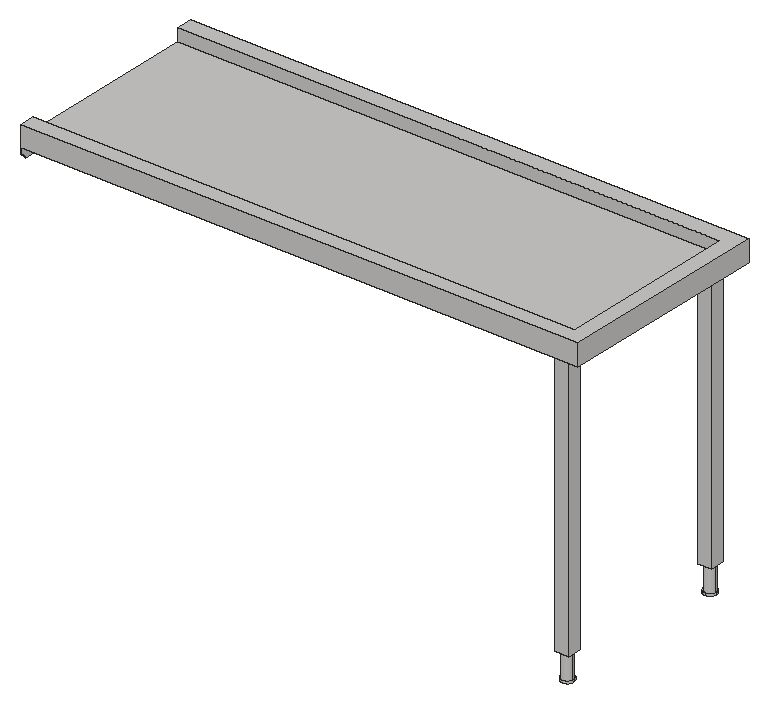
Revit family "QF_ELECTROLUXPROFESSIONAL_865401_BHRLU16", category Specialty Equipment, Revit 2018
Family settings
  Round Connector Dimension = Use Diameter
  Part Type = Normal
  Work Plane-Based = No
  Always vertical = Yes
  Cut with Voids When Loaded = No
  Shared = No
  Room Calculation Point = No
Parameters
  Weight = 0.00 kg
  Watts = 0 W
  Volts = 0 V
  URL Manufacturer = "http://professional.electrolux.com/"
  URL = "http://professional.electrolux.com/"
  Steam Supply Size = 0 mm
  Steam Supply Minimum Pressure = 0.0 Pa
  Steam Supply Maximum Pressure = 0.0 Pa
  Steam Pounds per Hour = 0
  Refrigeration Suction Line Size = 0 mm
  Refrigeration Liquid Line Size = 0 mm
  Refrigerant Compressor Remote = yes
  Manufacturer = "Electrolux"
  Phase = 0
  Model = "BHRLU16"
  Length Actual = 1600 mm  # constant formula
  Item Number = "865401"
  Hot Water Size = 0 mm
  Height Actual = 910 mm  # constant formula
  HP = "0 HP"
  Gas Size = 0 mm
  Gas KW = 0
  Gas Input Pressure = 0 W
  Description = "DW TABLE UNLOADING&LOAD.1600MM-RACK TYPE"
  Depth Actual = 610 mm  # constant formula
  Cycle = 0 Hz
  Condensate Return Size = 0 mm
  Compressed Air Volume = 0.0 L/s
  Compressed Air Size = 0 mm
  Compressed Air Pressure = 0.0 Pa
  Cold Water Size = 0 mm
  Accessory = yes
Reference planes
  plane 1 "Center (Front/Back)": y = -47.5
  plane 2: z = 0
  plane 3 "BACK": y = 257.5
  plane 4 "FRONT": y = -352.5
  plane 5 "RIGHT": x = 450
  plane 6: z = 910
  plane 7 "LEFT": x = -1150
Forms (mm)
  Extrusion 1, solid, material "QF_Finishes_Stainless Steel"
    sketch origin (0, 0, 0) x (1, 0, 0) y (0, 1, 0)
      loop
        line (-1147.022, 212.5) -> (405, 212.5) -> (405, -307.5) -> (-1147.022, -307.5) -> (-1147.022, -352.5) -> (450, -352.5) -> (450, 257.5) -> (-1147.022, 257.5) -> (-1147.022, 212.5)
    from 850 to 910
  Extrusion 2, solid, material "QF_Finishes_Stainless Steel"
    sketch origin (0, 0, 53) x (1, 0, 0) y (0, 1, 0)
      loop
        line (-1147.022, 212.5) -> (-1147.022, -307.5) -> (405, -307.5) -> (405, 212.5) -> (-1147.022, 212.5)
    from 797 to 822
  Extrusion 3, solid, material "QF_Finishes_Stainless Steel"
    sketch origin (-700, 0, 0) x (0, 1, 0) y (0, 0, 1)
      loop
        line (-352.5, 835) -> (-337.5, 820) -> (242.5, 820) -> (257.5, 835) -> (257.5, 910) -> (212.5, 910) -> (212.5, 875) -> (-307.5, 875) -> (-307.5, 910) -> (-352.5, 910) -> (-352.5, 835)
    from -450 to -447.022
Cuts and joins
  joined: Extrusion 1, Extrusion 2, Extrusion 3
Lines and regions (mm)
  symbolic lines
    curve 1: line (-1150, 257.5, 0) -> (450, 257.5, 0)
    curve 2: line (450, 257.5, 0) -> (450, -352.5, 0)
    curve 3: line (450, -352.5, 0) -> (-1150, -352.5, 0)
    curve 4: line (-1150, -307.5, 0) -> (405, -307.5, 0)
    curve 5: line (405, -307.5, 0) -> (405, 212.5, 0)
    curve 6: line (405, 212.5, 0) -> (-1150, 212.5, 0)
    curve 7: line (-1150, 257.5, 0) -> (-1150, -352.5, 0)
    curve 8: line (-1150, -47.5, 0) -> (-1120, -47.5, 0)
Dimensions and locks
  Extrusion 1 to Extrusion 1 = 45 mm
  plane 7 "LEFT" to plane 5 "RIGHT" = 1600 mm
  aligned and locked: level to plane 2
  aligned and locked: plane 6 to Extrusion 1
Nested families
  nested 1: "Foot_40x40" at (380, -303.5, 0), type "Foot_40x40"
    with A 850 mm
  nested 2: "Foot_40x40" at (380, 208.5, 0), type "Foot_40x40"
    with A 850 mm
Definition of nested family "Foot_40x40"
  Parameters
    A [instance] = 850 mm
  Reference planes
    plane 1 "Centro (Fronte/Retro)": y = 0
    plane 2: z = 0
    plane 3 "Centro (Sinistra/Destra)": x = 0
    plane 4: z = 850
  Forms (mm)
    Extrusion 1, solid
      sketch origin (0, 0, 0) x (1, 0, 0) y (0, 1, 0)
        loop
          circle (0, 0) r 18
      from 0 to 5
    Extrusion 2, solid
      sketch origin (0, 0, 5) x (1, 0, 0) y (0, 1, 0)
        loop
          circle (0, 0) r 15
      from 0 to 70
    Extrusion 3, solid
      sketch origin (0, 0, 75) x (1, 0, 0) y (0, 1, 0)
        loop
          line (-20, 20) -> (-20, -20) -> (20, -20) -> (20, 20) -> (-20, 20)
      from 0 to 775
  Dimensions and locks
    "A": plane 4 to plane 2
    aligned and locked: level to plane 2
    aligned and locked: plane 4 to Extrusion 3
    aligned and locked: Extrusion 1 to level
  Automatic sketch dimensions
    plane 1 "Centro (Fronte/Retro)" to Extrusion 1 sketch curve = 0 mm
    Extrusion 1 sketch curve to plane 3 "Centro (Sinistra/Destra)" = 0 mm
    Extrusion 3 sketch curve to Extrusion 3 sketch curve = 40 mm  (x2)
    radius of Extrusion 1 sketch curve = 18 mm
    radius of Extrusion 2 sketch curve to Extrusion 1 = 3 mm
